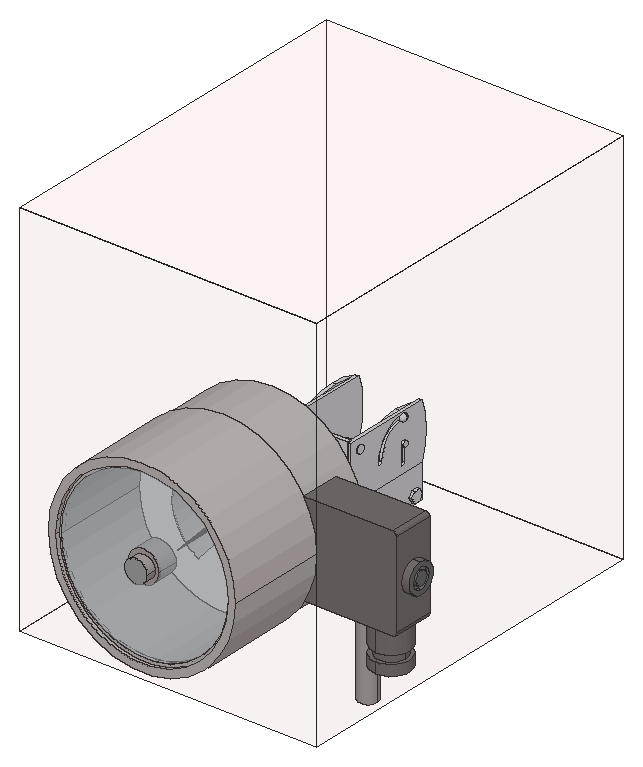
Revit family "РОСМА_ТермометрКоррозионностЭлектроконтПриставкойУниверсПрисоед", category Арматура трубопроводов, Revit 2018 (continued)
Definition of nested family "Корпус термометраКоррозионностойкого_с_эл._приставкой"
  Lines and regions (mm)
    model lines, detail levels fine
      curve 83: line (74.65, -17, 40.648) -> (72.422, -17, 39.431)
      curve 84: line (72.367, -17, 44.585) -> (70.208, -17, 43.251)
      curve 85: line (69.877, -17, 48.395) -> (67.792, -17, 46.947)
      curve 86: line (67.187, -17, 52.065) -> (65.182, -17, 50.508)
      curve 87: line (64.304, -17, 55.587) -> (62.385, -17, 53.924)
      curve 88: line (61.236, -17, 58.949) -> (59.409, -17, 57.186)
      curve 89: line (57.993, -17, 62.142) -> (56.263, -17, 60.284)
      curve 90: line (54.584, -17, 65.157) -> (52.956, -17, 63.209)
      curve 91: line (51.018, -17, 67.985) -> (49.497, -17, 65.953)
      curve 92: line (47.306, -17, 70.618) -> (45.896, -17, 68.508)
      curve 93: line (43.459, -17, 73.049) -> (42.163, -17, 70.866)
      curve 94: line (39.486, -17, 75.271) -> (38.31, -17, 73.021)
      curve 95: line (35.401, -17, 77.276) -> (34.346, -17, 74.967)
      curve 96: line (31.214, -17, 79.06) -> (30.285, -17, 76.698)
      curve 97: line (26.938, -17, 80.618) -> (26.136, -17, 78.209)
      curve 98: line (22.584, -17, 81.944) -> (21.912, -17, 79.496)
      curve 99: line (18.166, -17, 83.035) -> (17.626, -17, 80.555)
      curve 100: line (13.695, -17, 83.888) -> (13.289, -17, 81.383)
      curve 101: line (9.186, -17, 84.501) -> (8.914, -17, 81.977)
      curve 102: line (4.65, -17, 84.872) -> (4.514, -17, 82.337)
      curve 103: line (0.1, -17, 84.999) -> (0.1, -17, 82.461)
      curve 104: line (-4.449, -17, 84.883) -> (-4.314, -17, 82.348)
      curve 105: line (-8.986, -17, 84.523) -> (-8.715, -17, 81.999)
      curve 106: line (-13.498, -17, 83.921) -> (-13.091, -17, 81.415)
      curve 107: line (-17.97, -17, 83.078) -> (-17.43, -17, 80.597)
      curve 108: line (-22.391, -17, 81.997) -> (-21.719, -17, 79.549)
      curve 109: line (-26.748, -17, 80.681) -> (-25.946, -17, 78.272)
      curve 110: line (-31.028, -17, 79.134) -> (-30.098, -17, 76.771)
      curve 111: line (-35.219, -17, 77.359) -> (-34.164, -17, 75.05)
      curve 112: line (-39.309, -17, 75.363) -> (-38.132, -17, 73.114)
      curve 113: line (-43.286, -17, 73.151) -> (-41.991, -17, 70.968)
      curve 114: line (-47.14, -17, 70.73) -> (-45.729, -17, 68.619)
      curve 115: line (-50.858, -17, 68.105) -> (-49.337, -17, 66.073)
      curve 116: line (-54.43, -17, 65.285) -> (-52.802, -17, 63.338)
      curve 117: line (-57.847, -17, 62.279) -> (-56.117, -17, 60.421)
      curve 118: line (-61.097, -17, 59.093) -> (-59.27, -17, 57.33)
      curve 119: line (-64.172, -17, 55.738) -> (-62.254, -17, 54.076)
      curve 120: line (-67.064, -17, 52.224) -> (-65.059, -17, 50.666)
      curve 121: line (-69.763, -17, 48.559) -> (-67.678, -17, 47.111)
      curve 122: line (-72.262, -17, 44.756) -> (-70.102, -17, 43.421)
      curve 123: line (-74.554, -17, 40.824) -> (-72.326, -17, 39.607)
      curve 124: line (-76.632, -17, 36.775) -> (-74.342, -17, 35.679)
      curve 125: line (-78.491, -17, 32.62) -> (-76.145, -17, 31.649)
      curve 126: line (-80.124, -17, 28.372) -> (-77.73, -17, 27.528)
      curve 127: line (-81.528, -17, 24.043) -> (-79.092, -17, 23.328)
      curve 128: line (-82.698, -17, 19.645) -> (-80.227, -17, 19.061)
      curve 129: line (-83.631, -17, 15.19) -> (-81.133, -17, 14.74)
      curve 130: line (-84.324, -17, 10.692) -> (-81.805, -17, 10.376)
      curve 131: line (-84.775, -17, 6.164) -> (-82.243, -17, 5.983)
      curve 132: line (-84.984, -17, 1.617) -> (-82.446, -17, 1.572)
      curve 133: line (-84.948, -17, -2.934) -> (-82.412, -17, -2.843)
      curve 134: line (-84.67, -17, -7.476) -> (-82.141, -17, -7.25)
      curve 135: line (-84.148, -17, -11.997) -> (-81.635, -17, -11.636)
      curve 136: line (-83.385, -17, -16.484) -> (-80.896, -17, -15.989)
      curve 137: line (-82.383, -17, -20.924) -> (-79.924, -17, -20.296)
      curve 138: line (-81.145, -17, -25.303) -> (-78.723, -17, -24.545)
      curve 139: line (-79.675, -17, -29.61) -> (-77.296, -17, -28.723)
      curve 140: line (-77.976, -17, -33.832) -> (-75.648, -17, -32.819)
      curve 141: line (-76.053, -17, -37.957) -> (-73.783, -17, -36.821)
      curve 142: line (-73.912, -17, -41.974) -> (-71.707, -17, -40.718)
      curve 143: line (-71.56, -17, -45.87) -> (-69.424, -17, -44.497)
      curve 144: line (-69.002, -17, -49.634) -> (-66.943, -17, -48.149)
      curve 145: line (-66.247, -17, -53.256) -> (-64.27, -17, -51.663)
      curve 146: line (-63.301, -17, -56.726) -> (-61.413, -17, -55.029)
      curve 147: line (43.52, -17, -43.52) -> (41.332, -17, -41.332)
      curve 148: line (-43.52, -17, -43.52) -> (-41.332, -17, -41.332)
      curve 149: line (60.365, -17, -12.007) -> (57.33, -17, -11.404)
      curve 150: line (56.862, -17, 23.553) -> (54.003, -17, 22.369)
      curve 151: line (34.194, -17, 51.175) -> (32.475, -17, 48.602)
      curve 152: line (0, -17, 61.547) -> (0, -17, 58.453)
      curve 153: line (-34.194, -17, 51.175) -> (-32.475, -17, 48.602)
      curve 154: line (-56.862, -17, 23.553) -> (-54.003, -17, 22.369)
      curve 155: line (-60.365, -17, -12.007) -> (-57.33, -17, -11.404)
      curve 156: line (248.297, -16.6, -114.05) -> (246.109, -16.6, -111.861)
      curve 157: line (264.809, -16.6, -130.703) -> (263.014, -16.6, -128.908)
      curve 217: line (60.033, -16.6, -60.174) -> (58.238, -16.6, -58.379)
      curve 218: line (-60.174, -16.6, -60.033) -> (-58.379, -16.6, -58.238)
      curve 219: line (63.15, -16.6, -56.894) -> (61.262, -16.6, -55.197)
      curve 220: line (66.088, -16.6, -53.453) -> (64.113, -16.6, -51.858)
      curve 221: line (68.885, -16.6, -49.797) -> (66.826, -16.6, -48.312)
      curve 222: line (71.452, -16.6, -46.038) -> (69.316, -16.6, -44.666)
      curve 223: line (73.813, -16.6, -42.148) -> (71.607, -16.6, -40.892)
      curve 224: line (75.963, -16.6, -38.137) -> (73.693, -16.6, -37)
      curve 225: line (77.896, -16.6, -34.016) -> (75.568, -16.6, -33.003)
      curve 226: line (79.605, -16.6, -29.798) -> (77.226, -16.6, -28.911)
      curve 227: line (81.086, -16.6, -25.494) -> (78.663, -16.6, -24.736)
      curve 228: line (82.334, -16.6, -21.118) -> (79.874, -16.6, -20.49)
      curve 229: line (83.346, -16.6, -16.681) -> (80.857, -16.6, -16.185)
      curve 230: line (84.12, -16.6, -12.196) -> (81.607, -16.6, -11.835)
      curve 231: line (84.652, -16.6, -7.676) -> (82.123, -16.6, -7.45)
      curve 232: line (84.941, -16.6, -3.134) -> (82.404, -16.6, -3.043)
      curve 233: line (84.987, -16.6, 1.417) -> (82.449, -16.6, 1.372)
      curve 234: line (84.79, -16.6, 5.964) -> (82.258, -16.6, 5.783)
      curve 235: line (84.349, -16.6, 10.494) -> (81.83, -16.6, 10.177)
      curve 236: line (83.666, -16.6, 14.993) -> (81.168, -16.6, 14.543)
      curve 237: line (82.744, -16.6, 19.45) -> (80.273, -16.6, 18.866)
      curve 238: line (81.584, -16.6, 23.851) -> (79.149, -16.6, 23.136)
      curve 239: line (80.191, -16.6, 28.183) -> (77.797, -16.6, 27.339)
      curve 240: line (78.567, -16.6, 32.435) -> (76.222, -16.6, 31.464)
      curve 241: line (76.718, -16.6, 36.594) -> (74.429, -16.6, 35.498)
      curve 242: line (74.65, -16.6, 40.648) -> (72.422, -16.6, 39.431)
      curve 243: line (72.367, -16.6, 44.585) -> (70.208, -16.6, 43.251)
      curve 244: line (69.877, -16.6, 48.395) -> (67.792, -16.6, 46.947)
      curve 245: line (67.187, -16.6, 52.065) -> (65.182, -16.6, 50.508)
      curve 246: line (64.304, -16.6, 55.587) -> (62.385, -16.6, 53.924)
      curve 247: line (61.236, -16.6, 58.949) -> (59.409, -16.6, 57.186)
      curve 248: line (57.993, -16.6, 62.142) -> (56.263, -16.6, 60.284)
      curve 249: line (54.584, -16.6, 65.157) -> (52.956, -16.6, 63.209)
      curve 250: line (51.018, -16.6, 67.985) -> (49.497, -16.6, 65.953)
      curve 251: line (47.306, -16.6, 70.618) -> (45.896, -16.6, 68.508)
      curve 252: line (43.459, -16.6, 73.049) -> (42.163, -16.6, 70.866)
      curve 253: line (39.486, -16.6, 75.271) -> (38.31, -16.6, 73.021)
      curve 254: line (35.401, -16.6, 77.276) -> (34.346, -16.6, 74.967)
      curve 255: line (31.214, -16.6, 79.06) -> (30.285, -16.6, 76.698)
      curve 256: line (26.938, -16.6, 80.618) -> (26.136, -16.6, 78.209)
      curve 257: line (22.584, -16.6, 81.944) -> (21.912, -16.6, 79.496)
      curve 258: line (18.166, -16.6, 83.035) -> (17.626, -16.6, 80.555)
      curve 259: line (13.695, -16.6, 83.888) -> (13.289, -16.6, 81.383)
      curve 260: line (9.186, -16.6, 84.501) -> (8.914, -16.6, 81.977)
      curve 261: line (4.65, -16.6, 84.872) -> (4.514, -16.6, 82.337)
      curve 262: line (0.1, -16.6, 84.999) -> (0.1, -16.6, 82.461)
      curve 263: line (-4.449, -16.6, 84.883) -> (-4.314, -16.6, 82.348)
      curve 264: line (-8.986, -16.6, 84.523) -> (-8.715, -16.6, 81.999)
      curve 265: line (-13.498, -16.6, 83.921) -> (-13.091, -16.6, 81.415)
      curve 266: line (-17.97, -16.6, 83.078) -> (-17.43, -16.6, 80.597)
      curve 267: line (-22.391, -16.6, 81.997) -> (-21.719, -16.6, 79.549)
      curve 268: line (-26.748, -16.6, 80.681) -> (-25.946, -16.6, 78.272)
      curve 269: line (-31.028, -16.6, 79.134) -> (-30.098, -16.6, 76.771)
      curve 270: line (-35.219, -16.6, 77.359) -> (-34.164, -16.6, 75.05)
      curve 271: line (-39.309, -16.6, 75.363) -> (-38.132, -16.6, 73.114)
      curve 272: line (-43.286, -16.6, 73.151) -> (-41.991, -16.6, 70.968)
      curve 273: line (-47.14, -16.6, 70.73) -> (-45.729, -16.6, 68.619)
      curve 274: line (-50.858, -16.6, 68.105) -> (-49.337, -16.6, 66.073)
      curve 275: line (-54.43, -16.6, 65.285) -> (-52.802, -16.6, 63.338)
      curve 276: line (-57.847, -16.6, 62.279) -> (-56.117, -16.6, 60.421)
      curve 277: line (-61.097, -16.6, 59.093) -> (-59.27, -16.6, 57.33)
      curve 278: line (-64.172, -16.6, 55.738) -> (-62.254, -16.6, 54.076)
      curve 279: line (-67.064, -16.6, 52.224) -> (-65.059, -16.6, 50.666)
      curve 280: line (-69.763, -16.6, 48.559) -> (-67.678, -16.6, 47.111)
      curve 281: line (-72.262, -16.6, 44.756) -> (-70.102, -16.6, 43.421)
      curve 282: line (-74.554, -16.6, 40.824) -> (-72.326, -16.6, 39.607)
      curve 283: line (-76.632, -16.6, 36.775) -> (-74.342, -16.6, 35.679)
      curve 284: line (-78.491, -16.6, 32.62) -> (-76.145, -16.6, 31.649)
      curve 285: line (-80.124, -16.6, 28.372) -> (-77.73, -16.6, 27.528)
      curve 286: line (-81.528, -16.6, 24.043) -> (-79.092, -16.6, 23.328)
      curve 287: line (-82.698, -16.6, 19.645) -> (-80.227, -16.6, 19.061)
      curve 288: line (-83.631, -16.6, 15.19) -> (-81.133, -16.6, 14.74)
      curve 289: line (-84.324, -16.6, 10.692) -> (-81.805, -16.6, 10.376)
      curve 290: line (-84.775, -16.6, 6.164) -> (-82.243, -16.6, 5.983)
      curve 291: line (-84.984, -16.6, 1.617) -> (-82.446, -16.6, 1.572)
      curve 292: line (-84.948, -16.6, -2.934) -> (-82.412, -16.6, -2.843)
      curve 293: line (-84.67, -16.6, -7.476) -> (-82.141, -16.6, -7.25)
      curve 294: line (-84.148, -16.6, -11.997) -> (-81.635, -16.6, -11.636)
      curve 295: line (-83.385, -16.6, -16.484) -> (-80.896, -16.6, -15.989)
      curve 296: line (-82.383, -16.6, -20.924) -> (-79.924, -16.6, -20.296)
      curve 297: line (-81.145, -16.6, -25.303) -> (-78.723, -16.6, -24.545)
      curve 298: line (-79.675, -16.6, -29.61) -> (-77.296, -16.6, -28.723)
      curve 299: line (-77.976, -16.6, -33.832) -> (-75.648, -16.6, -32.819)
      curve 300: line (-76.053, -16.6, -37.957) -> (-73.783, -16.6, -36.821)
      curve 301: line (-73.912, -16.6, -41.974) -> (-71.707, -16.6, -40.718)
      curve 302: line (-71.56, -16.6, -45.87) -> (-69.424, -16.6, -44.497)
      curve 303: line (-69.002, -16.6, -49.634) -> (-66.943, -16.6, -48.149)
      curve 304: line (-66.247, -16.6, -53.256) -> (-64.27, -16.6, -51.663)
      curve 305: line (-63.301, -16.6, -56.726) -> (-61.413, -16.6, -55.029)
      curve 306: line (43.52, -16.6, -43.52) -> (41.332, -16.6, -41.332)
      curve 307: line (-43.52, -16.6, -43.52) -> (-41.332, -16.6, -41.332)
      curve 308: line (60.365, -16.6, -12.007) -> (57.33, -16.6, -11.404)
      curve 309: line (56.862, -16.6, 23.553) -> (54.003, -16.6, 22.369)
      curve 310: line (34.194, -16.6, 51.175) -> (32.475, -16.6, 48.602)
      curve 311: line (0, -16.6, 61.547) -> (0, -16.6, 58.453)
      curve 312: line (-34.194, -16.6, 51.175) -> (-32.475, -16.6, 48.602)
      curve 313: line (-56.862, -16.6, 23.553) -> (-54.003, -16.6, 22.369)
      curve 314: line (-60.365, -16.6, -12.007) -> (-57.33, -16.6, -11.404)
    reference lines
      curve 158: line (-85.176, -18, 0) -> (120.476, -18, 0)
      curve 159: line (0, -18, 0) -> (-22.519, -18, -22.519)
      curve 315: line (-7.451, -17, 22) -> (6.301, -17, 22)
      curve 316: line (-7.451, -16.6, 22) -> (6.301, -16.6, 22)
      curve 431: line (0, -65.339, 0) -> (0, -62.311, 0)
  Dimensions and locks
    plane 5 "f2" to plane 1 "По центру (Вперед/Назад)" = 71 mm
    plane 1 "По центру (Вперед/Назад)" to plane 6 "f1" = 17 mm
    plane 4 "задняя стенка" to plane 1 "По центру (Вперед/Назад)" = 17 mm
    plane 7 "стекло" to plane 5 "f2" = 2 mm
    locked: plane 6 "f1" to plane 8 "Табло" at 1
    plane 3 "По центру (Влево/Вправо)" to plane 9 "sr" = 6 mm
    plane 10 "sl" to plane 3 "По центру (Влево/Вправо)" = 6 mm
    plane 1 "По центру (Вперед/Назад)" to plane 11 "sb" = 11 mm
    plane 12 "sf" to plane 1 "По центру (Вперед/Назад)" = 11 mm
    "Длина стрелки": plane 14 to plane 16
    locked: Extrusion 5 to Extrusion 5 at 1.185
    locked: Extrusion 6 to Extrusion 6 at 1.185
    Extrusion 2 to plane 7 "стекло" to plane 5 "f2" = 2 mm, 2 mm locked
    locked: plane 6 "f1" to plane 18 "толщина стрелки" at 1
    "b-е": plane 4 "задняя стенка" to plane 6 "f1"
    equal spacing: plane 4 "задняя стенка", plane 1 "По центру (Вперед/Назад)", plane 6 "f1"
    plane 20 to plane 19 = 2 mm
    equal spacing: plane 9 "sr", plane 3 "По центру (Влево/Вправо)", plane 10 "sl"
    "ЭЛ_a1": plane 9 "sr" to plane 10 "sl"
    equal spacing: Sweep 10 sketch curve, profile plane, Sweep 10 sketch curve
    "расст до электрочасти": plane 23 to plane 3 "По центру (Влево/Вправо)"
    plane 25 to plane 26 = 50.457 mm
    equal spacing: plane 25, level, plane 26
    "a электрочасти": plane 24 to plane 23
    "Длина стрелки2": Sweep 10 sketch curve to Sweep 10 sketch curve
    "Длина стрелки3": Sweep 10 sketch curve to Sweep 10 sketch curve
    Extrusion 8 to Extrusion 12 = 0.6 mm
    locked: plane 18 "толщина стрелки" to plane 27 at 2
    equal spacing: Sweep 14 sketch curve, profile plane, Sweep 14 sketch curve
    "Длина стрелки2": Sweep 14 sketch curve to Sweep 14 sketch curve
    "Длина стрелки3": Sweep 14 sketch curve to Sweep 14 sketch curve
    equal spacing: plane 25, Extrusion 16 sketch curve, plane 26
    equal spacing: Extrusion 12, Extrusion 15 sketch curve, Extrusion 12
    locked: plane 30 to plane 31 at 4.537
    plane 34 to plane 27 = 22 mm
    equal spacing: plane 34, plane 33, plane 27
    locked: plane 32 to plane 24 at 11.88
    locked: plane 31 to plane 28 at 5.634
    locked: plane 24 to plane 29 at 4.419
    locked: plane 29 to plane 35 at 2
    "e": plane 6 "f1" to plane 5 "f2"
    "Диаметр полости": radius of Extrusion 2 sketch curve
    "Диаметр полости": radius of Extrusion 1 sketch curve
    "D1": radius of Extrusion 3 sketch curve
    "D2": radius of Extrusion 4 sketch curve
    "R1_шкала": radius of radial array  (x2)
    "R2_шкала": radius of radial array  (x2)
    "Dполости_переднСт": radius of Extrusion 7 sketch curve
    radius of Extrusion 9 sketch curve = 12 mm
    "ddd": radius of Extrusion 11 sketch curve
    "ОтверстиеШкала": radius of Extrusion 13 sketch curve
    locked: plane 15 to plane 14 (angle 90.00°)
    locked: plane 15 to plane 16 (angle 90.00°)
    aligned and locked: level to plane 2
    aligned and locked: level to Extrusion 2 sketch curve
    aligned and locked: plane 3 "По центру (Влево/Вправо)" to Extrusion 4 sketch curve
    aligned and locked: level to Extrusion 4 sketch curve
    aligned and locked: plane 3 "По центру (Влево/Вправо)" to Extrusion 2 sketch curve
    aligned and locked: plane 3 "По центру (Влево/Вправо)" to Extrusion 3 sketch curve
    aligned and locked: level to Extrusion 3 sketch curve
    aligned and locked: plane 3 "По центру (Влево/Вправо)" to Extrusion 1 sketch curve
    aligned and locked: level to Extrusion 1 sketch curve
    aligned and locked: plane 15 to curve 159
    aligned and locked: plane 14 to Extrusion 6
    aligned and locked: plane 16 to Extrusion 6 sketch curve
    aligned and locked: Extrusion 3 to plane 5 "f2"
    aligned and locked: plane 4 "задняя стенка" to Extrusion 4
    aligned and locked: Extrusion 4 to plane 6 "f1"
    aligned and locked: plane 6 "f1" to Extrusion 3
    aligned and locked: Extrusion 6 to plane 18 "толщина стрелки"
    aligned and locked: Extrusion 5 to plane 18 "толщина стрелки"
    aligned and locked: curve 158 to plane 8 "Табло"
    aligned and locked: curve 315 to plane 6 "f1"
    aligned and locked: level to curve 159
    aligned and locked: level to radial array  (x2)
    aligned and locked: curve 158 to radial array  (x2)
    aligned and locked: plane 6 "f1" to Extrusion 1
    aligned and locked: Extrusion 1 to plane 7 "стекло"
    aligned and locked: plane 2 to Extrusion 7 sketch curve
    aligned and locked: plane 3 "По центру (Влево/Вправо)" to Extrusion 7 sketch curve
    aligned and locked: Extrusion 7 to plane 5 "f2"
    aligned and locked: plane 7 "стекло" to Extrusion 7
    aligned and locked: plane 25 to Extrusion 12 sketch curve
    aligned and locked: Extrusion 12 sketch curve to plane 23
    aligned and locked: Extrusion 12 sketch curve to plane 26
    aligned and locked: plane 24 to Extrusion 12 sketch curve
    aligned and locked: curve 431 to Sweep 10 sketch curve
    aligned and locked: curve 431 to level
    aligned and locked: Extrusion 3 to Extrusion 1
    aligned and locked: plane 6 "f1" to Extrusion 8
    aligned and locked: Extrusion 12 to plane 27
    aligned and locked: Extrusion 15 to plane 28
    aligned and locked: plane 29 to Extrusion 16
    aligned and locked: plane 26 to Extrusion 15
    aligned and locked: Extrusion 16 to plane 24
    aligned and locked: Extrusion 2 to plane 7 "стекло"
    aligned and locked: Extrusion 13 to plane 1 "По центру (Вперед/Назад)"
    aligned and locked: Extrusion 13 to plane 6 "f1"
    aligned and locked: plane 34 to Extrusion 12
    aligned and locked: plane 32 to Extrusion 15 sketch curve
    aligned and locked: plane 32 to Extrusion 17 sketch curve
    aligned and locked: plane 33 to Extrusion 17 sketch curve
    aligned and locked: plane 30 to Extrusion 17
    aligned and locked: Extrusion 17 to plane 31
    aligned and locked: plane 33 to Extrusion 16 sketch curve
    aligned and locked: plane 35 to Extrusion 18
    aligned and locked: Extrusion 16 to Extrusion 18
  Automatic sketch dimensions
    curve 59 to curve 59 = 1.759 mm
    curve 59 to curve 59 = 1.831 mm
    curve 58 to curve 58 = 1.759 mm
    curve 58 to curve 58 = 1.831 mm
    curve 60 to curve 60 = 1.759 mm
    curve 60 to curve 60 = 1.831 mm
    curve 61 to curve 61 = 1.759 mm
    curve 61 to curve 61 = 1.831 mm
    curve 62 to curve 62 = 1.759 mm
    curve 62 to curve 62 = 1.831 mm
    curve 63 to curve 63 = 1.759 mm
    curve 63 to curve 63 = 1.831 mm
    curve 64 to curve 64 = 1.759 mm
    curve 64 to curve 64 = 1.831 mm
    curve 65 to curve 65 = 1.759 mm
    curve 65 to curve 65 = 1.831 mm
    curve 66 to curve 66 = 1.759 mm
    curve 66 to curve 66 = 1.831 mm
    curve 67 to curve 67 = 1.759 mm
    curve 67 to curve 67 = 1.831 mm
    curve 68 to curve 68 = 1.759 mm
    curve 68 to curve 68 = 1.831 mm
    curve 69 to curve 69 = 1.759 mm
    curve 69 to curve 69 = 1.831 mm
    curve 70 to curve 70 = 1.759 mm
    curve 70 to curve 70 = 1.831 mm
    curve 71 to curve 71 = 1.759 mm
    curve 71 to curve 71 = 1.831 mm
    curve 72 to curve 72 = 1.759 mm
    curve 72 to curve 72 = 1.831 mm
    curve 73 to curve 73 = 1.759 mm
    curve 73 to curve 73 = 1.831 mm
    curve 74 to curve 74 = 1.759 mm
    curve 74 to curve 74 = 1.831 mm
    curve 75 to curve 75 = 1.759 mm
    curve 75 to curve 75 = 1.831 mm
    curve 76 to curve 76 = 1.759 mm
    curve 76 to curve 76 = 1.831 mm
    curve 77 to curve 77 = 1.759 mm
    curve 77 to curve 77 = 1.831 mm
    curve 78 to curve 78 = 1.759 mm
    curve 78 to curve 78 = 1.831 mm
    curve 79 to curve 79 = 1.759 mm
    curve 79 to curve 79 = 1.831 mm
    curve 80 to curve 80 = 1.759 mm
    curve 80 to curve 80 = 1.831 mm
    curve 81 to curve 81 = 1.759 mm
    curve 81 to curve 81 = 1.831 mm
    curve 82 to curve 82 = 1.759 mm
    curve 82 to curve 82 = 1.831 mm
    curve 83 to curve 83 = 1.759 mm
    curve 83 to curve 83 = 1.831 mm
    curve 84 to curve 84 = 1.759 mm
    curve 84 to curve 84 = 1.831 mm
    curve 85 to curve 85 = 1.759 mm
    curve 85 to curve 85 = 1.831 mm
    curve 86 to curve 86 = 1.759 mm
    curve 86 to curve 86 = 1.831 mm
    curve 87 to curve 87 = 1.759 mm
    curve 87 to curve 87 = 1.831 mm
    curve 88 to curve 88 = 1.759 mm
    curve 88 to curve 88 = 1.831 mm
    curve 89 to curve 89 = 1.759 mm
    curve 89 to curve 89 = 1.831 mm
    curve 90 to curve 90 = 1.759 mm
    curve 90 to curve 90 = 1.831 mm
    curve 91 to curve 91 = 1.759 mm
    curve 91 to curve 91 = 1.831 mm
    curve 92 to curve 92 = 1.759 mm
    curve 92 to curve 92 = 1.831 mm
    curve 93 to curve 93 = 1.759 mm
    curve 93 to curve 93 = 1.831 mm
    curve 94 to curve 94 = 1.759 mm
    curve 94 to curve 94 = 1.831 mm
    curve 95 to curve 95 = 1.759 mm
    curve 95 to curve 95 = 1.831 mm
    curve 96 to curve 96 = 1.759 mm
    curve 96 to curve 96 = 1.831 mm
    curve 97 to curve 97 = 1.759 mm
    curve 97 to curve 97 = 1.831 mm
    curve 98 to curve 98 = 1.759 mm
    curve 98 to curve 98 = 1.831 mm
    curve 99 to curve 99 = 1.759 mm
    curve 99 to curve 99 = 1.831 mm
    curve 100 to curve 100 = 1.759 mm
    curve 100 to curve 100 = 1.831 mm
    curve 101 to curve 101 = 1.759 mm
    curve 101 to curve 101 = 1.831 mm
    curve 102 to curve 102 = 1.759 mm
    curve 102 to curve 102 = 1.831 mm
    curve 103 to curve 103 = 1.759 mm
    curve 103 to curve 103 = 1.831 mm
    curve 104 to curve 104 = 1.759 mm
    curve 104 to curve 104 = 1.831 mm
    curve 105 to curve 105 = 1.759 mm
    curve 105 to curve 105 = 1.831 mm
    curve 106 to curve 106 = 1.759 mm
    curve 106 to curve 106 = 1.831 mm
    curve 107 to curve 107 = 1.759 mm
    curve 107 to curve 107 = 1.831 mm
    curve 108 to curve 108 = 1.759 mm
    curve 108 to curve 108 = 1.831 mm
    curve 109 to curve 109 = 1.759 mm
    curve 109 to curve 109 = 1.831 mm
    curve 110 to curve 110 = 1.759 mm
    curve 110 to curve 110 = 1.831 mm
    curve 111 to curve 111 = 1.759 mm
    curve 111 to curve 111 = 1.831 mm
    curve 112 to curve 112 = 1.759 mm
    curve 112 to curve 112 = 1.831 mm
    curve 113 to curve 113 = 1.759 mm
    curve 113 to curve 113 = 1.831 mm
    curve 114 to curve 114 = 1.759 mm
    curve 114 to curve 114 = 1.831 mm
    curve 115 to curve 115 = 1.759 mm
    curve 115 to curve 115 = 1.831 mm
    curve 116 to curve 116 = 1.759 mm
    curve 116 to curve 116 = 1.831 mm
    curve 117 to curve 117 = 1.759 mm
    curve 117 to curve 117 = 1.831 mm
    curve 118 to curve 118 = 1.759 mm
    curve 118 to curve 118 = 1.831 mm
    curve 119 to curve 119 = 1.759 mm
    curve 119 to curve 119 = 1.831 mm
    curve 120 to curve 120 = 1.759 mm
    curve 120 to curve 120 = 1.831 mm
    curve 121 to curve 121 = 1.759 mm
    curve 121 to curve 121 = 1.831 mm
    curve 122 to curve 122 = 1.759 mm
    curve 122 to curve 122 = 1.831 mm
    curve 123 to curve 123 = 1.759 mm
    curve 123 to curve 123 = 1.831 mm
    curve 124 to curve 124 = 1.759 mm
    curve 124 to curve 124 = 1.831 mm
    curve 125 to curve 125 = 1.759 mm
    curve 125 to curve 125 = 1.831 mm
    curve 126 to curve 126 = 1.759 mm
    curve 126 to curve 126 = 1.831 mm
    curve 127 to curve 127 = 1.759 mm
    curve 127 to curve 127 = 1.831 mm
    curve 128 to curve 128 = 1.759 mm
    curve 128 to curve 128 = 1.831 mm
    curve 129 to curve 129 = 1.759 mm
    curve 129 to curve 129 = 1.831 mm
    curve 130 to curve 130 = 1.759 mm
    curve 130 to curve 130 = 1.831 mm
    curve 131 to curve 131 = 1.759 mm
    curve 131 to curve 131 = 1.831 mm
    curve 132 to curve 132 = 1.759 mm
    curve 132 to curve 132 = 1.831 mm
    curve 133 to curve 133 = 1.759 mm
    curve 133 to curve 133 = 1.831 mm
    curve 134 to curve 134 = 1.759 mm
    curve 134 to curve 134 = 1.831 mm
    curve 135 to curve 135 = 1.759 mm
    curve 135 to curve 135 = 1.831 mm
    curve 136 to curve 136 = 1.759 mm
    curve 136 to curve 136 = 1.831 mm
    curve 137 to curve 137 = 1.759 mm
    curve 137 to curve 137 = 1.831 mm
    curve 138 to curve 138 = 1.759 mm
    curve 138 to curve 138 = 1.831 mm
    curve 139 to curve 139 = 1.759 mm
    curve 139 to curve 139 = 1.831 mm
    curve 140 to curve 140 = 1.759 mm
    curve 140 to curve 140 = 1.831 mm
    curve 141 to curve 141 = 1.759 mm
    curve 141 to curve 141 = 1.831 mm
    curve 142 to curve 142 = 1.759 mm
    curve 142 to curve 142 = 1.831 mm
    curve 143 to curve 143 = 1.759 mm
    curve 143 to curve 143 = 1.831 mm
    curve 144 to curve 144 = 1.759 mm
    curve 144 to curve 144 = 1.831 mm
    curve 145 to curve 145 = 1.759 mm
    curve 145 to curve 145 = 1.831 mm
    curve 146 to curve 146 = 1.759 mm
    curve 146 to curve 146 = 1.831 mm
    curve 157 to curve 157 = 1.759 mm
    curve 157 to curve 157 = 1.831 mm
    curve 218 to curve 218 = 1.759 mm
    curve 218 to curve 218 = 1.831 mm
    curve 217 to curve 217 = 1.759 mm
    curve 217 to curve 217 = 1.831 mm
    curve 219 to curve 219 = 1.759 mm
    curve 219 to curve 219 = 1.831 mm
    curve 220 to curve 220 = 1.759 mm
    curve 220 to curve 220 = 1.831 mm
    curve 221 to curve 221 = 1.759 mm
    curve 221 to curve 221 = 1.831 mm
    curve 222 to curve 222 = 1.759 mm
    curve 222 to curve 222 = 1.831 mm
    curve 223 to curve 223 = 1.759 mm
    curve 223 to curve 223 = 1.831 mm
    curve 224 to curve 224 = 1.759 mm
    curve 224 to curve 224 = 1.831 mm
    curve 225 to curve 225 = 1.759 mm
    curve 225 to curve 225 = 1.831 mm
    curve 226 to curve 226 = 1.759 mm
    curve 226 to curve 226 = 1.831 mm
    curve 227 to curve 227 = 1.759 mm
    curve 227 to curve 227 = 1.831 mm
    curve 228 to curve 228 = 1.759 mm
    curve 228 to curve 228 = 1.831 mm
    curve 229 to curve 229 = 1.759 mm
    curve 229 to curve 229 = 1.831 mm
    curve 230 to curve 230 = 1.759 mm
    curve 230 to curve 230 = 1.831 mm
    curve 231 to curve 231 = 1.759 mm
    curve 231 to curve 231 = 1.831 mm
    curve 232 to curve 232 = 1.759 mm
    curve 232 to curve 232 = 1.831 mm
    curve 233 to curve 233 = 1.759 mm
    curve 233 to curve 233 = 1.831 mm
    curve 234 to curve 234 = 1.759 mm
    curve 234 to curve 234 = 1.831 mm
    curve 235 to curve 235 = 1.759 mm
    curve 235 to curve 235 = 1.831 mm
    curve 236 to curve 236 = 1.759 mm
    curve 236 to curve 236 = 1.831 mm
    curve 237 to curve 237 = 1.759 mm
    curve 237 to curve 237 = 1.831 mm
    curve 238 to curve 238 = 1.759 mm
    curve 238 to curve 238 = 1.831 mm
    curve 239 to curve 239 = 1.759 mm
    curve 239 to curve 239 = 1.831 mm
    curve 240 to curve 240 = 1.759 mm
    curve 240 to curve 240 = 1.831 mm
    curve 241 to curve 241 = 1.759 mm
    curve 241 to curve 241 = 1.831 mm
    curve 242 to curve 242 = 1.759 mm
    curve 242 to curve 242 = 1.831 mm
    curve 243 to curve 243 = 1.759 mm
    curve 243 to curve 243 = 1.831 mm
    curve 244 to curve 244 = 1.759 mm
    curve 244 to curve 244 = 1.831 mm
    curve 245 to curve 245 = 1.759 mm
    curve 245 to curve 245 = 1.831 mm
    curve 246 to curve 246 = 1.759 mm
    curve 246 to curve 246 = 1.831 mm
    curve 247 to curve 247 = 1.759 mm
    curve 247 to curve 247 = 1.831 mm
    curve 248 to curve 248 = 1.759 mm
    curve 248 to curve 248 = 1.831 mm
    curve 249 to curve 249 = 1.759 mm
    curve 249 to curve 249 = 1.831 mm
    curve 250 to curve 250 = 1.759 mm
    curve 250 to curve 250 = 1.831 mm
    curve 251 to curve 251 = 1.759 mm
    curve 251 to curve 251 = 1.831 mm
    curve 252 to curve 252 = 1.759 mm
    curve 252 to curve 252 = 1.831 mm
    curve 253 to curve 253 = 1.759 mm
    curve 253 to curve 253 = 1.831 mm
    curve 254 to curve 254 = 1.759 mm
    curve 254 to curve 254 = 1.831 mm
    curve 255 to curve 255 = 1.759 mm
    curve 255 to curve 255 = 1.831 mm
    curve 256 to curve 256 = 1.759 mm
    curve 256 to curve 256 = 1.831 mm
    curve 257 to curve 257 = 1.759 mm
    curve 257 to curve 257 = 1.831 mm
    curve 258 to curve 258 = 1.759 mm
    curve 258 to curve 258 = 1.831 mm
    curve 259 to curve 259 = 1.759 mm
    curve 259 to curve 259 = 1.831 mm
    curve 260 to curve 260 = 1.759 mm
    curve 260 to curve 260 = 1.831 mm
    curve 261 to curve 261 = 1.759 mm
    curve 261 to curve 261 = 1.831 mm
    curve 262 to curve 262 = 1.759 mm
    curve 262 to curve 262 = 1.831 mm
    curve 263 to curve 263 = 1.759 mm
    curve 263 to curve 263 = 1.831 mm
    curve 264 to curve 264 = 1.759 mm
    curve 264 to curve 264 = 1.831 mm
    curve 265 to curve 265 = 1.759 mm
    curve 265 to curve 265 = 1.831 mm
    curve 266 to curve 266 = 1.759 mm
    curve 266 to curve 266 = 1.831 mm
    curve 267 to curve 267 = 1.759 mm
    curve 267 to curve 267 = 1.831 mm
    curve 268 to curve 268 = 1.759 mm
    curve 268 to curve 268 = 1.831 mm
    curve 269 to curve 269 = 1.759 mm
    curve 269 to curve 269 = 1.831 mm
    curve 270 to curve 270 = 1.759 mm
    curve 270 to curve 270 = 1.831 mm
    curve 271 to curve 271 = 1.759 mm
    curve 271 to curve 271 = 1.831 mm
    curve 272 to curve 272 = 1.759 mm
    curve 272 to curve 272 = 1.831 mm
    curve 273 to curve 273 = 1.759 mm
    curve 273 to curve 273 = 1.831 mm
    curve 274 to curve 274 = 1.759 mm
    curve 274 to curve 274 = 1.831 mm
    curve 275 to curve 275 = 1.759 mm
    curve 275 to curve 275 = 1.831 mm
    curve 276 to curve 276 = 1.759 mm
    curve 276 to curve 276 = 1.831 mm
    curve 277 to curve 277 = 1.759 mm
    curve 277 to curve 277 = 1.831 mm
    curve 278 to curve 278 = 1.759 mm
    curve 278 to curve 278 = 1.831 mm
    curve 279 to curve 279 = 1.759 mm
    curve 279 to curve 279 = 1.831 mm
    curve 280 to curve 280 = 1.759 mm
    curve 280 to curve 280 = 1.831 mm
    curve 281 to curve 281 = 1.759 mm
    curve 281 to curve 281 = 1.831 mm
    curve 282 to curve 282 = 1.759 mm
    curve 282 to curve 282 = 1.831 mm
    curve 283 to curve 283 = 1.759 mm
    curve 283 to curve 283 = 1.831 mm
    curve 284 to curve 284 = 1.759 mm
    curve 284 to curve 284 = 1.831 mm
    curve 285 to curve 285 = 1.759 mm
    curve 285 to curve 285 = 1.831 mm
    curve 286 to curve 286 = 1.759 mm
    curve 286 to curve 286 = 1.831 mm
    curve 287 to curve 287 = 1.759 mm
    curve 287 to curve 287 = 1.831 mm
    curve 288 to curve 288 = 1.759 mm
    curve 288 to curve 288 = 1.831 mm
    curve 289 to curve 289 = 1.759 mm
    curve 289 to curve 289 = 1.831 mm
    curve 290 to curve 290 = 1.759 mm
    curve 290 to curve 290 = 1.831 mm
    curve 291 to curve 291 = 1.759 mm
    curve 291 to curve 291 = 1.831 mm
    curve 292 to curve 292 = 1.759 mm
    curve 292 to curve 292 = 1.831 mm
    curve 293 to curve 293 = 1.759 mm
    curve 293 to curve 293 = 1.831 mm
    curve 294 to curve 294 = 1.759 mm
    curve 294 to curve 294 = 1.831 mm
    curve 295 to curve 295 = 1.759 mm
    curve 295 to curve 295 = 1.831 mm
    curve 296 to curve 296 = 1.759 mm
    curve 296 to curve 296 = 1.831 mm
    curve 297 to curve 297 = 1.759 mm
    curve 297 to curve 297 = 1.831 mm
    curve 298 to curve 298 = 1.759 mm
    curve 298 to curve 298 = 1.831 mm
    curve 299 to curve 299 = 1.759 mm
    curve 299 to curve 299 = 1.831 mm
    curve 300 to curve 300 = 1.759 mm
    curve 300 to curve 300 = 1.831 mm
    curve 301 to curve 301 = 1.759 mm
    curve 301 to curve 301 = 1.831 mm
    curve 302 to curve 302 = 1.759 mm
    curve 302 to curve 302 = 1.831 mm
    curve 303 to curve 303 = 1.759 mm
    curve 303 to curve 303 = 1.831 mm
    curve 304 to curve 304 = 1.759 mm
    curve 304 to curve 304 = 1.831 mm
    curve 305 to curve 305 = 1.759 mm
    curve 305 to curve 305 = 1.831 mm
    curve 315 to curve 315 = 13.751 mm
    curve 316 to curve 316 = 13.751 mm
    curve 201 to curve 201 = 0.5 mm
    curve 201 to curve 201 = 3.276 mm
    curve 165 to curve 164 = 0.273 mm
    curve 165 to curve 170 = 4.273 mm
    curve 170 to curve 201 = 5.048 mm
    curve 201 to curve 200 = 0.052 mm
    curve 201 to curve 209 = 3.696 mm
    curve 207 to curve 207 = 0.359 mm
    curve 201 to curve 190 = 5.684 mm
    curve 189 to curve 190 = 1.451 mm
    curve 170 to curve 165 = 0.7 mm
    curve 170 to curve 190 = 2.319 mm
    curve 170 to curve 201 = 10.694 mm
    curve 201 to curve 200 = 0.021 mm
    curve 207 to curve 209 = 3.572 mm
    curve 165 to curve 165 = 0.495 mm
    curve 201 to curve 200 = 0.038 mm
    curve 200 to curve 201 = 1.731 mm
    curve 200 to curve 207 = 2.932 mm
    curve 209 to curve 209 = 1.293 mm
    curve 189 to curve 189 = 1.203 mm
    curve 189 to curve 191 = 3.856 mm
    curve 191 to curve 190 = 4.488 mm
    curve 189 to curve 191 = 0 mm
    curve 201 to curve 200 = 1.57 mm
    curve 209 to curve 209 = 1.164 mm
    curve 165 to curve 169 = 0.15 mm
    curve 170 to curve 173 = 5.053 mm
    curve 170 to curve 173 = 0.079 mm
    curve 165 to curve 169 = 0.079 mm
    curve 166 to curve 164 = 0.758 mm
    curve 161 to curve 161 = 1.079 mm
    curve 173 to curve 173 = 1.696 mm  (x2)
    curve 210 to curve 207 = 0.41 mm
    curve 216 to curve 216 = 2.225 mm
    curve 189 to curve 196 = 0.987 mm
    curve 198 to curve 190 = 0.697 mm
    curve 198 to curve 198 = 0.444 mm
    curve 192 to curve 191 = 0.972 mm
    curve 173 to curve 173 = 1.523 mm
    curve 161 to curve 165 = 1.29 mm
    curve 192 to curve 198 = 2.173 mm
    curve 198 to curve 190 = 0.867 mm
    curve 216 to curve 207 = 2.225 mm
    curve 207 to curve 210 = 1.24 mm
    curve 168 to curve 169 = 0.862 mm
    curve 201 to curve 205 = 0.038 mm
    curve 205 to curve 209 = 0.784 mm
    curve 211 to curve 211 = 0.756 mm
    curve 201 to curve 215 = 2.179 mm
    curve 196 to curve 194 = 0.351 mm
    curve 198 to curve 194 = 0.132 mm
    curve 194 to curve 198 = 1.029 mm
    curve 215 to curve 201 = 0.888 mm
    curve 211 to curve 210 = 0.014 mm
    curve 205 to curve 209 = 1.127 mm
    curve 201 to curve 205 = 1.363 mm
    curve 170 to curve 171 = 0 mm  (x4)
    curve 162 to curve 165 = 0.556 mm
    curve 213 to curve 201 = 0.253 mm
    curve 173 to curve 172 = 0.042 mm
    curve 200 to curve 212 = 0.492 mm
    curve 175 to curve 173 = 0.639 mm
    curve 174 to curve 173 = 0.63 mm
    curve 173 to curve 177 = 0.797 mm
    curve 208 to curve 207 = 0.056 mm
    curve 176 to curve 187 = 1.048 mm
    curve 176 to curve 178 = 1.122 mm
    curve 207 to curve 212 = 0.29 mm
    curve 187 to curve 185 = 0.925 mm
    curve 187 to curve 179 = 1.349 mm
    curve 185 to curve 184 = 0.888 mm
    curve 178 to curve 180 = 2.608 mm
    curve 179 to curve 184 = 1.405 mm
    curve 179 to curve 181 = 1.043 mm
    curve 197 to curve 198 = 0.964 mm
    curve 176 to curve 173 = 0.725 mm
    curve 181 to curve 189 = 0 mm
    curve 182 to curve 184 = 0.566 mm
    curve 162 to curve 168 = 0.863 mm
    curve 173 to curve 175 = 0.582 mm
    curve 185 to curve 179 = 1.388 mm
    curve 179 to curve 184 = 0.116 mm
    curve 178 to curve 187 = 0.151 mm
    curve 172 to curve 173 = 0.019 mm
    curve 189 to curve 181 = 0.081 mm
    curve 173 to curve 178 = 0.797 mm
    curve 201 to curve 214 = 0.138 mm
    curve 200 to curve 213 = 0.914 mm
    curve 208 to curve 207 = 0.011 mm
    curve 204 to curve 200 = 1.222 mm
    curve 42 to curve 42 = 0.5 mm
    curve 42 to curve 42 = 3.276 mm
    curve 6 to curve 5 = 0.273 mm
    curve 6 to curve 11 = 4.273 mm
    curve 11 to curve 42 = 5.048 mm
    curve 42 to curve 41 = 0.052 mm
    curve 42 to curve 50 = 3.696 mm
    curve 48 to curve 48 = 0.359 mm
    curve 42 to curve 31 = 5.684 mm
    curve 30 to curve 31 = 1.451 mm
    curve 11 to curve 6 = 0.7 mm
    curve 11 to curve 31 = 2.319 mm
    curve 11 to curve 42 = 10.694 mm
    curve 42 to curve 41 = 0.021 mm
    curve 48 to curve 50 = 3.572 mm
    curve 6 to curve 6 = 0.495 mm
    curve 42 to curve 41 = 0.038 mm
    curve 41 to curve 42 = 1.731 mm
    curve 41 to curve 48 = 2.932 mm
    curve 50 to curve 50 = 1.293 mm
    curve 30 to curve 30 = 1.203 mm
    curve 30 to curve 32 = 3.856 mm
    curve 32 to curve 31 = 4.488 mm
    curve 30 to curve 32 = 0 mm
    curve 42 to curve 41 = 1.57 mm
    curve 50 to curve 50 = 1.164 mm
    curve 6 to curve 10 = 0.15 mm
    curve 11 to curve 14 = 5.053 mm
    curve 11 to curve 14 = 0.079 mm
    curve 6 to curve 10 = 0.079 mm
    curve 7 to curve 5 = 0.758 mm
    curve 2 to curve 2 = 1.079 mm
    curve 14 to curve 14 = 1.696 mm  (x2)
    curve 51 to curve 48 = 0.41 mm
    curve 57 to curve 57 = 2.225 mm
    curve 30 to curve 37 = 0.987 mm
    curve 39 to curve 31 = 0.697 mm
    curve 39 to curve 39 = 0.444 mm
    curve 33 to curve 32 = 0.972 mm
    curve 14 to curve 14 = 1.523 mm
    curve 2 to curve 6 = 1.29 mm
    curve 33 to curve 39 = 2.173 mm
    curve 39 to curve 31 = 0.867 mm
    curve 57 to curve 48 = 2.225 mm
    curve 48 to curve 51 = 1.24 mm
    curve 9 to curve 10 = 0.862 mm
    curve 42 to curve 46 = 0.038 mm
    curve 46 to curve 50 = 0.784 mm
    curve 52 to curve 52 = 0.756 mm
    curve 42 to curve 56 = 2.179 mm
    curve 37 to curve 35 = 0.351 mm
    curve 39 to curve 35 = 0.132 mm
    curve 35 to curve 39 = 1.029 mm
    curve 56 to curve 42 = 0.888 mm
    curve 52 to curve 51 = 0.014 mm
    curve 46 to curve 50 = 1.127 mm
    curve 42 to curve 46 = 1.363 mm
    curve 11 to curve 12 = 0 mm  (x4)
    curve 3 to curve 6 = 0.556 mm
    curve 54 to curve 42 = 0.253 mm
    curve 14 to curve 13 = 0.042 mm
    curve 41 to curve 53 = 0.492 mm
    curve 16 to curve 14 = 0.639 mm
    curve 15 to curve 14 = 0.63 mm
    curve 14 to curve 18 = 0.797 mm
    curve 49 to curve 48 = 0.056 mm
    curve 17 to curve 28 = 1.048 mm
    curve 17 to curve 19 = 1.122 mm
    curve 48 to curve 53 = 0.29 mm
    curve 28 to curve 26 = 0.925 mm
    curve 28 to curve 20 = 1.349 mm
    curve 26 to curve 25 = 0.888 mm
    curve 19 to curve 21 = 2.608 mm
    curve 20 to curve 25 = 1.405 mm
    curve 20 to curve 22 = 1.043 mm
    curve 38 to curve 39 = 0.964 mm
    curve 17 to curve 14 = 0.725 mm
    curve 22 to curve 30 = 0 mm
    curve 23 to curve 25 = 0.566 mm
    curve 3 to curve 9 = 0.863 mm
    curve 14 to curve 16 = 0.582 mm
    curve 26 to curve 20 = 1.388 mm
    curve 20 to curve 25 = 0.116 mm
    curve 19 to curve 28 = 0.151 mm
    curve 13 to curve 14 = 0.019 mm
    curve 30 to curve 22 = 0.081 mm
    curve 14 to curve 19 = 0.797 mm
    curve 42 to curve 55 = 0.138 mm
    curve 41 to curve 54 = 0.914 mm
    curve 49 to curve 48 = 0.011 mm
    curve 45 to curve 41 = 1.222 mm
    curve 384 to curve 385 = 0 mm  (x2)
    curve 405 to curve 407 = 0.972 mm
    curve 406 to curve 404 = 0.23 mm
    curve 406 to curve 408 = 0.351 mm
    curve 407 to curve 412 = 0.132 mm
    curve 404 to curve 413 = 0.697 mm
    curve 411 to curve 411 = 0.964 mm
    curve 411 to curve 408 = 0.099 mm
    curve 412 to curve 403 = 0.754 mm
    curve 408 to curve 410 = 0.351 mm
    curve 409 to curve 403 = 0.987 mm
    curve 403 to curve 395 = 1.69 mm
    curve 394 to curve 429 = 0.567 mm
    curve 395 to curve 396 = 0.971 mm
    curve 394 to curve 394 = 1.043 mm
    curve 429 to curve 429 = 1.247 mm
    curve 396 to curve 399 = 0.94 mm
    curve 397 to curve 392 = 1.405 mm
    curve 429 to curve 424 = 2.213 mm
    curve 429 to curve 430 = 2.225 mm  (x2)
    curve 398 to curve 400 = 0.888 mm
    curve 423 to curve 425 = 0.588 mm
    curve 421 to curve 426 = 0.632 mm
    curve 393 to curve 391 = 2.608 mm
    curve 425 to curve 421 = 0.346 mm
    curve 399 to curve 402 = 0.925 mm
    curve 421 to curve 422 = 0.056 mm
    curve 428 to curve 416 = 2.179 mm
    curve 423 to curve 423 = 1.293 mm
    curve 425 to curve 424 = 0.756 mm
    curve 391 to curve 391 = 1.122 mm
    curve 421 to curve 419 = 0.784 mm
    curve 390 to curve 388 = 0.797 mm
    curve 390 to curve 389 = 0.797 mm
    curve 416 to curve 416 = 1.731 mm
    curve 387 to curve 388 = 0.63 mm
    curve 387 to curve 389 = 0.639 mm
    curve 422 to curve 427 = 2.956 mm
    curve 426 to curve 414 = 0.492 mm
    curve 386 to curve 386 = 1.024 mm
    curve 386 to curve 387 = 0.042 mm
    curve 414 to curve 415 = 0.052 mm
    curve 415 to curve 428 = 0.253 mm
    curve 418 to curve 420 = 2.874 mm
    curve 426 to curve 417 = 1.006 mm
    curve 419 to curve 420 = 0.038 mm
    curve 387 to curve 384 = 5.053 mm
    curve 384 to curve 377 = 3.778 mm
    curve 379 to curve 378 = 0.222 mm
    curve 379 to curve 382 = 0.344 mm
    curve 383 to curve 379 = 0.15 mm
    curve 377 to curve 375 = 1.051 mm
    curve 382 to curve 381 = 0.862 mm
    curve 375 to curve 375 = 1.079 mm
    curve 390 to curve 403 = 0 mm
    curve 395 to curve 403 = 0 mm
    curve 407 to curve 409 = 0 mm
    curve 390 to curve 375 = 0.016 mm
    curve 396 to curve 398 = 0.566 mm
    curve 390 to curve 389 = 0.725 mm
    curve 409 to curve 409 = 1.144 mm
    curve 375 to curve 376 = 1.29 mm
    curve 387 to curve 389 = 0.582 mm
    curve 399 to curve 393 = 1.388 mm
    curve 392 to curve 398 = 0.116 mm
    curve 392 to curve 401 = 0.151 mm
    curve 376 to curve 382 = 0.863 mm
    curve 379 to curve 385 = 0.863 mm
    curve 407 to curve 412 = 1.029 mm
    curve 386 to curve 386 = 0.923 mm
    curve 386 to curve 387 = 0.019 mm
    curve 382 to curve 379 = 0.7 mm
    curve 379 to curve 383 = 0.079 mm
    curve 411 to curve 412 = 1.448 mm
    curve 412 to curve 404 = 0.867 mm
    curve 403 to curve 395 = 0.081 mm
    curve 388 to curve 392 = 0.797 mm
    curve 393 to curve 428 = 2.724 mm
    curve 428 to curve 416 = 0.888 mm
    curve 428 to curve 429 = 2.075 mm
    curve 416 to curve 416 = 1.57 mm
    curve 414 to curve 415 = 3.112 mm
    curve 415 to curve 414 = 0.021 mm
    curve 415 to curve 428 = 0.138 mm
    curve 426 to curve 422 = 1.253 mm
    curve 422 to curve 421 = 0.011 mm
    curve 418 to curve 414 = 1.222 mm
    curve 425 to curve 424 = 0.014 mm
    curve 422 to curve 424 = 1.182 mm
    curve 418 to curve 421 = 1.127 mm
    curve 415 to curve 419 = 1.363 mm
    curve 327 to curve 328 = 0 mm  (x2)
    curve 348 to curve 350 = 0.972 mm
    curve 349 to curve 347 = 0.23 mm
    curve 349 to curve 351 = 0.351 mm
    curve 350 to curve 355 = 0.132 mm
    curve 347 to curve 356 = 0.697 mm
    curve 354 to curve 354 = 0.964 mm
    curve 354 to curve 351 = 0.099 mm
    curve 355 to curve 346 = 0.754 mm
    curve 351 to curve 353 = 0.351 mm
    curve 352 to curve 346 = 0.987 mm
    curve 346 to curve 338 = 1.69 mm
    curve 337 to curve 372 = 0.567 mm
    curve 338 to curve 339 = 0.971 mm
    curve 337 to curve 337 = 1.043 mm
    curve 372 to curve 372 = 1.247 mm
    curve 339 to curve 342 = 0.94 mm
    curve 340 to curve 335 = 1.405 mm
    curve 372 to curve 367 = 2.213 mm
    curve 372 to curve 373 = 2.225 mm  (x2)
    curve 341 to curve 343 = 0.888 mm
    curve 366 to curve 368 = 0.588 mm
    curve 364 to curve 369 = 0.632 mm
    curve 336 to curve 334 = 2.608 mm
    curve 368 to curve 364 = 0.346 mm
    curve 342 to curve 345 = 0.925 mm
    curve 364 to curve 365 = 0.056 mm
    curve 371 to curve 359 = 2.179 mm
    curve 366 to curve 366 = 1.293 mm
    curve 368 to curve 367 = 0.756 mm
    curve 334 to curve 334 = 1.122 mm
    curve 364 to curve 362 = 0.784 mm
    curve 333 to curve 331 = 0.797 mm
    curve 333 to curve 332 = 0.797 mm
    curve 359 to curve 359 = 1.731 mm
    curve 330 to curve 331 = 0.63 mm
    curve 330 to curve 332 = 0.639 mm
    curve 365 to curve 370 = 2.956 mm
    curve 369 to curve 357 = 0.492 mm
    curve 329 to curve 329 = 1.024 mm
    curve 329 to curve 330 = 0.042 mm
    curve 357 to curve 358 = 0.052 mm
    curve 358 to curve 371 = 0.253 mm
    curve 361 to curve 363 = 2.874 mm
    curve 369 to curve 360 = 1.006 mm
    curve 362 to curve 363 = 0.038 mm
    curve 330 to curve 327 = 5.053 mm
    curve 327 to curve 320 = 3.778 mm
    curve 322 to curve 321 = 0.222 mm
    curve 322 to curve 325 = 0.344 mm
    curve 326 to curve 322 = 0.15 mm
    curve 320 to curve 318 = 1.051 mm
    curve 325 to curve 324 = 0.862 mm
    curve 318 to curve 318 = 1.079 mm
    curve 333 to curve 346 = 0 mm
    curve 338 to curve 346 = 0 mm
    curve 350 to curve 352 = 0 mm
    curve 333 to curve 318 = 0.016 mm
    curve 339 to curve 341 = 0.566 mm
    curve 333 to curve 332 = 0.725 mm
    curve 352 to curve 352 = 1.144 mm
    curve 318 to curve 319 = 1.29 mm
    curve 330 to curve 332 = 0.582 mm
    curve 342 to curve 336 = 1.388 mm
    curve 335 to curve 341 = 0.116 mm
    curve 335 to curve 344 = 0.151 mm
    curve 319 to curve 325 = 0.863 mm
    curve 322 to curve 328 = 0.863 mm
    curve 350 to curve 355 = 1.029 mm
    curve 329 to curve 329 = 0.923 mm
    curve 329 to curve 330 = 0.019 mm
    curve 325 to curve 322 = 0.7 mm
    curve 322 to curve 326 = 0.079 mm
    curve 354 to curve 355 = 1.448 mm
    curve 355 to curve 347 = 0.867 mm
    curve 346 to curve 338 = 0.081 mm
    curve 331 to curve 335 = 0.797 mm
    curve 336 to curve 371 = 2.724 mm
    curve 371 to curve 359 = 0.888 mm
    curve 371 to curve 372 = 2.075 mm
    curve 359 to curve 359 = 1.57 mm
    curve 357 to curve 358 = 3.112 mm
    curve 358 to curve 357 = 0.021 mm
    curve 358 to curve 371 = 0.138 mm
    curve 369 to curve 365 = 1.253 mm
    curve 365 to curve 364 = 0.011 mm
    curve 361 to curve 357 = 1.222 mm
    curve 368 to curve 367 = 0.014 mm
    curve 365 to curve 367 = 1.182 mm
    curve 361 to curve 364 = 1.127 mm
    curve 358 to curve 362 = 1.363 mm
    plane 24 to curve 158 = 44.292 mm
    plane 26 to curve 159 = 2.709 mm
    curve 159 to curve 158 = 62.657 mm
    Extrusion 5 sketch curve to plane 14 = 0 mm  (x2)
    Extrusion 5 sketch curve to plane 15 = 0 mm
    Extrusion 5 sketch curve to plane 16 = 0 mm
    Extrusion 5 sketch curve to level = 0.614 mm
    Extrusion 6 sketch curve to plane 14 = 0 mm  (x2)
    Extrusion 6 sketch curve to plane 15 = 0 mm
    plane 3 "По центру (Влево/Вправо)" to Extrusion 6 sketch curve = 0.614 mm
    curve 431 to plane 20 = 3.261 mm
    plane 7 "стекло" to curve 431 = 6.689 mm
    Extrusion 8 sketch curve to plane 22 = 0 mm
    plane 9 "sr" to Extrusion 8 sketch curve = 5.429 mm
    Extrusion 8 sketch curve to plane 9 "sr" = 1.879 mm  (x2)
    Extrusion 8 sketch curve to level = 0.001 mm
    Extrusion 8 sketch curve to plane 10 "sl" = 3.801 mm
    Extrusion 8 sketch curve to level = 8.837 mm
    level to Extrusion 8 sketch curve = 4.149 mm
    level to Extrusion 8 sketch curve = 11.825 mm
    plane 9 "sr" to Extrusion 8 sketch curve = 5.992 mm
    level to Extrusion 8 sketch curve = 0.442 mm
    plane 3 "По центру (Влево/Вправо)" to Extrusion 8 sketch curve = 2.327 mm
    Extrusion 9 sketch curve to level = 0 mm
    Extrusion 9 sketch curve to plane 3 "По центру (Влево/Вправо)" = 0 mm
    profile plane to Sweep 10 sketch curve = 0.528 mm
    Sweep 10 sketch curve to profile plane = 0.714 mm
    Sweep 10 sketch curve to profile plane = 1.297 mm
    Extrusion 12 sketch curve to plane 24 = 2 mm  (x2)
    Extrusion 12 sketch curve to Extrusion 12 sketch curve = 2 mm
    plane 23 to Extrusion 12 sketch curve = 2 mm
    profile plane to Sweep 14 sketch curve = 0.714 mm
    Sweep 14 sketch curve to profile plane = 0.528 mm
    Sweep 14 sketch curve to profile plane = 1.297 mm
    Extrusion 17 sketch curve to Extrusion 17 sketch curve = 0 mm  (x2)
    Sweep 10 sketch curve to plane 8 "Табло" = 1.493 mm
    plane 33 to Sweep 10 sketch curve = 1.003 mm
    Extrusion 13 sketch curve to plane 3 "По центру (Влево/Вправо)" = 0 mm  (x2)
    Extrusion 13 sketch curve to level = 0 mm
    Extrusion 13 sketch curve to plane 9 "sr" = 1.092 mm
    plane 26 to Extrusion 13 sketch curve = 1.206 mm  (x2)
    plane 26 to Extrusion 13 sketch curve = 10.349 mm
    Extrusion 13 sketch curve to Extrusion 13 sketch curve = 0 mm
    level to Extrusion 13 sketch curve = 1.108 mm
    Sweep 14 sketch curve to plane 15 = 0 mm
    Sweep 14 sketch curve to plane 8 "Табло" = 1.493 mm
    plane 33 to Sweep 14 sketch curve = 1.003 mm
    radius of curve 170 = 2.25 mm
    radius of curve 171 = 1.301 mm
    radius of curve 11 = 2.25 mm
    radius of curve 12 = 1.301 mm
    radius of curve 384 = 2.25 mm
    radius of curve 385 = 1.301 mm
    radius of curve 327 = 2.25 mm
    radius of curve 328 = 1.301 mm
    radius of Extrusion 15 sketch curve = 10 mm
    radius of Extrusion 16 sketch curve = 8.027 mm
    radius of Extrusion 17 sketch curve = 10 mm
    radius of Extrusion 17 sketch curve = 7.773 mm
    radius of Extrusion 18 sketch curve to Extrusion 16 = 2.527 mm
    radius of Extrusion 18 sketch curve to Extrusion 16 = 4.527 mm
Definition of nested family "DAA_УГО_ТермометрПоказывающий_ГОСТ21.208-2013"
  Parameters (values of type "DAA_УГО_ТермометрПоказывающий_ГОСТ21.208-2013")
    Центр2 = 0.5 * Масштаб_УГО  # 25 mm
    Центр = 0.9 * Масштаб_УГО  # 45 mm
    Масштаб_УГО = 50 mm
    Высота_выноски_на_виде_мм = 2
    rr = 0.8 * Масштаб_УГО  # 40 mm
    r = 2.5 * Масштаб_УГО  # 125 mm
    lr2 = 1.4 * Масштаб_УГО  # 70 mm
    lr1 = 0.8 * Масштаб_УГО  # 40 mm
    ll2 = 0.7 * Масштаб_УГО  # 35 mm
    ll1 = 1.4 * Масштаб_УГО  # 70 mm
    h5 = 3.8 * Масштаб_УГО  # 190 mm
    h4 = 4.2 * Масштаб_УГО  # 210 mm
    h3 = 3.4 * Масштаб_УГО  # 170 mm
    h2 = 2.6 * Масштаб_УГО  # 130 mm
    h1 = Высота_выноски_на_виде_мм * Масштаб_УГО  # 100 mm
  Reference planes
    plane 1 "По центру (Вперед/Назад)": y = 0
    plane 2: z = 0
    plane 3 "По центру (Влево/Вправо)": x = 0
    plane 4: z = 100
    plane 5: z = 225
    plane 6: x = 45
    plane 7: z = 230
    plane 8: z = 270
    plane 9: z = 310
    plane 10: x = -35
    plane 11: x = -70
    plane 12: x = 40
    plane 13: x = 70
  Lines and regions (mm)
    reference lines
      curve 1: circle (0, 0, 225) r 125 normal (0, -1, 0)
      curve 2: circle (45, 0, 270) r 40 normal (0, -1, 0)
    model lines
      curve 3: line (-35, 0, 230) -> (-35, 0, 310)
      curve 4: arc (70, 0, 301.225) -> (5, 0, 270) -> (70, 0, 238.775) r 40
      curve 5: line (70, 0, 270) -> (70, 0, 238.775)
      curve 6: line (70, 0, 270) -> (40, 0, 270)
      curve 7: line (-70, 0, 310) -> (0, 0, 310)
      curve 8: circle (0, 0, 225) r 125 normal (0, -1, 0)
      curve 9: line (0, 0, 100) -> (0, 0, 0)
  Dimensions and locks
    "h1": plane 4 to level
    "r": plane 5 to plane 4
    "h2": plane 7 to plane 4
    "h3": plane 8 to plane 4
    "h4": plane 9 to plane 4
    "lr1": plane 12 to plane 3 "По центру (Влево/Вправо)"
    "lr2": plane 13 to plane 3 "По центру (Влево/Вправо)"
    "ll1": plane 3 "По центру (Влево/Вправо)" to plane 11
    "ll2": plane 3 "По центру (Влево/Вправо)" to plane 10
    "Центр": plane 6 to plane 3 "По центру (Влево/Вправо)"
    "r": radius of curve 1
    "rr": radius of curve 2
    aligned and locked: level to plane 2
    aligned and locked: plane 10 to curve 3
    aligned and locked: curve 4 to curve 2
    aligned and locked: curve 5 to plane 13
    aligned and locked: curve 6 to plane 8
    aligned and locked: curve 7 to plane 9
    aligned and locked: curve 8 to curve 1
    aligned and locked: curve 9 to plane 3 "По центру (Влево/Вправо)"
    aligned and locked: plane 11 to curve 7
    aligned and locked: plane 3 "По центру (Влево/Вправо)" to curve 7
  Automatic sketch dimensions
    curve 1 to plane 3 "По центру (Влево/Вправо)" = 0 mm
    curve 2 to plane 6 = 0 mm
    curve 1 to plane 5 = 0 mm
    curve 2 to plane 8 = 0 mm
    curve 6 to plane 12 = 0 mm
    curve 4 to plane 13 = 0 mm
    curve 9 to level = 0 mm
    curve 3 to plane 7 = 0 mm
